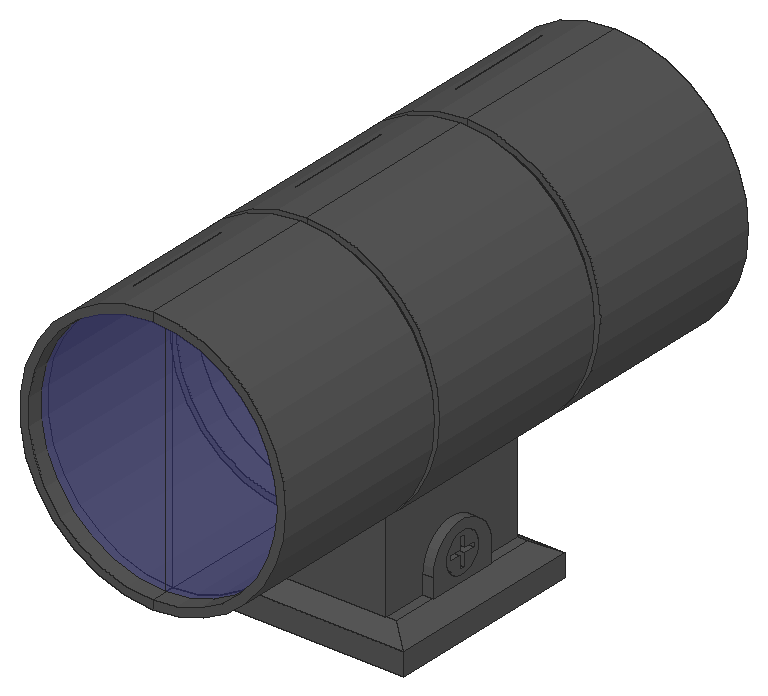
Revit family "CARLO CYLINDER LIGHT WALL MOUNT", category Lighting Fixtures, host Face, Revit 2020 (continued)
Types (10): name | Wattage_Input | Wattage Comments | Wattage | Photometric Web File | built-in parameter 1150142 | Model | built-in parameter 1150105 | Lumens | Light Length 1 | LIGHT RADIUS | LIGHT PLACEMENT | LIGHT LENGTH | LIGHT DIA | built-in parameter 1150106 | FIXED END HEIGHT | Curve base Height | Base Curve | BEAMING ANGLE | Apparent Load
    .7721 6.0172 6.2729 6.5418 6.8229 7.1239 7.4569 7.8078 8.1564 \r\n 8.5334 8.963 9.445 9.9629 10.59 11.365 12.374 13.726 15.393 17.41 \r\n 19.696 21.859 24.871 29.29 35.963 46.48 59.17 72.638 87.647 104.84 \r\n 123.18 141.73 160.85 180.76 200.96 220.98 240.98 261.22 280.92 299.76 \r\n 316.57 329.44 340.21 350.07 359.11 367.82 376.24 384.63 392.9 400.99 \r\n 409.07 417.39 425.65 433.37 441.27 450.13 459.23 467.84 476.64 486.18 \r\n 496.12 506.2 516.81 528.4 540.62 553.47 566.37 578.67 590.67 602.45 \r\n 613.97 625.24 636.18 646.73 656.91 666.64 676.13 685.66 694.92 703.68 \r\n 712.07 720.11 727.89 735.51 742.85 749.7 756.53 763.99 771.31 777.82 \r\n 783.8 789.14 794.37 800.03 805.95 812.41 818.55 823.47 827.56 830.69 \r\n 833.51 836.87 840.14 842.94 845.39 847.48 849.09 850.01 850.56 851.06 \r\n 849.27 \r\n2.1273 850.63 849.77 848.93 847.85 846.24 844.32 842.21 839.96 837.75 \r\n 835.32 832.48 829.23 825.44 821.32 817.08 812.62 807.83 803 798.52 \r\n 793.95 789.05 783.65 777.41 770.71 763.99 756.83 748.8 740.28 731.48 \r\n 722.43 713.19 703.78 694.3 684.53 674.13 663.55 653.29 642.84 631.72 \r\n 620.26 608.63 596.93 585.48 573.73 561.03 548.06 535.06 522.72 512.19 \r\n 502.3 492.18 482.12 472.01 462.13 452.83 443.74 434.55 425.44 416.54 \r\n 407.68 398.7 389.73 380.86 372.01 363.18 354.27 345.27 335.8 325.75 \r\n 314.3 300.39 284.51 266.41 247.18 227.99 208.4 188.19 167.83 147.58 \r\n 127.93 109.5 92.205 76.08 61.331 47.877 36.603 28.65 23.176 20.116 \r\n 18.274 16.302 14.605 13.133 11.902 10.922 10.161 9.6233 9.1997 8.7713 \r\n 8.3696 7.9868 7.6228 7.2733 6.9433 6.6394 6.3527 6.0739 5.8111 5.5723 \r\n 5.3496 5.1421 4.9376 4.7176 4.5 4.2985 4.1069 3.9239 3.747 3.5738 \r\n 3.4024 3.227 3.0569 2.9014 2.7538 2.6119 2.4731 2.3333 2.1947 2.054 \r\n 1.9237 1.8215 1.7283 1.6273 1.5284 1.4363 1.3501 1.2708 1.1969 1.1294 \r\n 1.0619 0.98469 0.90939 0.8464 0.78944 0.73542 0.68524 0.64059 0.59611 0.54455 \r\n 0.49325 0.44634 0.40615 0.3816 0.35707 0.31251 0.27002 0.2513 0.23752 0.21465 \r\n 0.18997 0.16417 0.14295 0.13846 0.13211 0.10348 0.070146 0.043113 0.021715 0.010542 \r\n 0.0048262 0.0013899 0.000057 0 0 0 0 0 0 0 \r\n 0 0 0 0 0 0 0.00013415 0.0046077 0.015421 0.04 \r\n 0.066271 0.081782 0.095093 0.11086 0.12835 0.15026 0.17103 0.18287 0.19515 0.21676 \r\n 0.24136 0.26567 0.28937 0.30855 0.33067 0.36404 0.4022 0.44239 0.48177 0.51279 \r\n 0.54681 0.59611 0.65041 0.70342 0.75545 0.80284 0.85119 0.90412 0.96379 1.0365 \r\n 1.1134 1.1898 1.2665 1.3385 1.4188 1.5244 1.6387 1.7506 1.8615 1.9635 \r\n 2.0736 2.2142 2.3606 2.4911 2.6193 2.7499 2.8875 3.0406 3.2022 3.3678 \r\n 3.5379 3.7108 3.8898 4.0817 4.2745 4.4489 4.6341 4.8664 5.1049 5.3097 \r\n 5.5149 5.7453 5.9894 6.2433 6.51 6.7888 7.087 7.4158 7.7627 8.1092 \r\n 8.484 8.9104 9.3865 9.8948 10.506 11.251 12.227 13.55 15.181 17.137 \r\n 19.359 21.499 24.441 28.63 35.036 45.315 57.856 71.389 86.532 103.8 \r\n 122.23 140.91 160.13 179.97 200.07 220.03 239.98 260.15 279.84 298.81 \r\n 315.82 328.94 339.93 349.82 358.85 367.59 376.03 384.33 392.49 400.5 \r\n 408.51 416.79 425 432.67 440.52 449.36 458.43 467.05 475.86 485.42 \r\n 495.35 505.31 515.81 527.43 539.71 552.55 565.45 577.72 589.72 601.61 \r\n 613.25 624.55 635.51 646.08 656.28 666.07 675.63 685.22 694.54 703.36 \r\n 711.8 719.86 727.64 735.29 742.67 749.53 756.35 763.81 771.14 777.69 \r\n 783.71 789.06 794.29 799.95 805.86 812.33 818.47 823.34 827.39 830.6 \r\n 833.53 836.91 840.17 842.91 845.3 847.43 849.09 849.97 850.48 851.01 \r\n 849.27 \r\n2.1273 850.51 849.64 848.85 847.82 846.25 844.34 842.19 839.89 837.62 \r\n 835.15 832.31 829.06 825.25 821.09 816.72 812.15 807.4 802.62 798.04 \r\n 793.32 788.22 782.63 776.24 769.44 762.69 755.49 747.38 738.79 730 \r\n 720.98 711.75 702.32 692.75 682.9 672.5 661.93 651.63 641.14 630.06 \r\n 618.61 606.8 594.89 583.35 571.53 558.73 545.69 532.77 520.48 509.74 \r\n 499.66 489.57 479.66 469.87 460.3 451.08 442.03 433.02 424.05 415.08 \r\n 406.14 397.23 388.37 379.55 370.77 362.05 353.21 344.15 334.62 324.76 \r\n 313.34 298.86 282.31 263.88 244.45 225.07 205.35 185.13 164.87 144.87 \r\n 125.46 107.02 89.668 73.508 58.897 46.067 35.492 27.957 22.754 19.805 \r\n 18.001 16.08 14.426 12.993 11.8 10.87 10.147 9.613 9.1823 8.7555 \r\n 8.3578 7.9825 7.6258 7.2787 6.9497 6.6469 6.3618 6.0861 5.827 5.5925 \r\n 5.3724 5.1614 4.9534 4.7359 4.5216 4.3201 4.1277 3.9451 3.7687 3.5956 \r\n 3.424 3.2474 3.0762 2.9216 2.7754 2.6336 2.4949 2.3564 2.2194 2.0807 \r\n 1.951 1.8449 1.7473 1.6462 1.5476 1.453 1.3639 1.2829 1.2082 1.142 \r\n 1.0757 0.99839 0.92275 0.86024 0.80379 0.74985 0.69929 0.65303 0.60734 0.55698 \r\n 0.50744 0.46172 0.42203 0.39616 0.37039 0.32701 0.28586 0.26657 0.25201 0.22935 \r\n 0.20522 0.18051 0.15964 0.15229 0.14354 0.11718 0.08669 0.05979 0.037487 0.025457 \r\n 0.017425 0.0075756 0.00020714 0 0 0 0 0 0 0 \r\n 0 0 0 0 0 0 0.00010653 0.0037901 0.012228 0.030732 \r\n 0.050368 0.06113 0.071549 0.087458 0.10694 0.13256 0.15674 0.1692 0.1807 0.20026 \r\n 0.22283 0.24674 0.27081 0.29115 0.31433 0.34753 0.38506 0.42433 0.46311 0.49499 \r\n 0.52986 0.57832 0.63181 0.68575 0.73885 0.78605 0.83412 0.88813 0.9482 1.0179 \r\n 1.0919 1.1685 1.246 1.3183 1.3974 1.4976 1.6063 1.7152 1.8254 1.9314 \r\n 2.0455 2.1848 2.3296 2.4632 2.5935 2.7189 2.8513 3.0064 3.1713 3.3373 \r\n 3.507 3.6783 3.8559 4.0484 4.2419 4.4155 4.5992 4.8284 5.0647 5.2703 \r\n 5.4774 5.7098 5.9555 6.2091 6.475 6.7539 7.0507 7.372 7.7138 8.0687 \r\n 8.4531 8.8806 9.3517 9.8452 10.44 11.181 12.15 13.46 15.069 16.984 \r\n 19.168 21.308 24.238 28.364 34.657 44.671 57.056 70.912 86.448 103.82 \r\n 122.29 141.12 160.47 180.39 200.52 220.51 240.45 260.6 280.22 299.08 \r\n 316.04 329.39 340.63 350.55 359.54 368.31 376.75 384.97 393.01 400.91 \r\n 408.82 417 425.15 432.84 440.69 449.35 458.29 467.06 476.06 485.61 \r\n 495.44 505.17 515.49 527.19 539.59 552.43 565.29 577.51 589.49 601.5 \r\n 613.25 624.52 635.42 645.93 656.12 666 675.66 685.27 694.61 703.5 \r\n 712.01 720.08 727.87 735.6 743.02 749.76 756.46 763.92 771.27 777.78 \r\n 783.77 789.19 794.49 800.16 806.04 812.41 818.45 823.31 827.41 830.71 \r\n 833.71 837.1 840.31 842.9 845.15 847.31 849.03 849.93 850.45 850.95 \r\n 849.27 \r\n2.1273 850.38 849.53 848.77 847.79 846.25 844.37 842.18 839.81 837.48 \r\n 834.95 832.1 828.85 825.03 820.82 816.32 811.64 806.94 802.19 797.47 \r\n 792.54 787.24 781.47 774.96 768.08 761.26 754.01 745.82 737.17 728.39 \r\n 719.39 710.18 700.75 691.09 681.13 670.73 660.17 649.81 639.27 628.24 \r\n 616.81 604.83 592.72 581.07 569.19 556.27 543.16 530.33 518.08 507.09 \r\n 496.76 486.7 476.96 467.51 458.27 449.15 440.17 431.34 422.52 413.48 \r\n 404.45 395.63 386.89 378.15 369.44 360.83 352.06 342.92 333.33 323.65 \r\n 312.27 297.14 279.85 261.06 241.41 221.82 202.01 181.85 161.75 142.03 \r\n 122.86 104.41 86.982 70.765 56.281 44.107 34.274 27.199 22.302 19.475 \r\n 17.711 15.847 14.238 12.845 11.69 10.813 10.132 9.6006 9.1613 8.7358 \r\n 8.3423 7.9756 7.6275 7.2837 6.9565 6.6559 6.3732 6.1012 5.8462 5.6163 \r\n 5.399 5.1843 4.9722 4.7573 4.5464 4.3452 4.1523 3.9698 3.7935 3.6206 \r\n 3.4488 3.271 3.0989 2.945 2.8 2.6588 2.5209 2.3834 2.2478 2.1116 \r\n 1.983 1.8721 1.7693 1.6678 1.5693 1.4718 1.3795 1.2968 1.2215 1.1562 \r\n 1.091 1.0137 0.93804 0.87643 0.82085 0.76717 0.71617 0.66773 0.62037 0.57158 \r\n 0.52432 0.47999 0.44073 0.41287 0.38535 0.3437 0.3045 0.28442 0.26864 0.24587 \r\n 0.22208 0.19852 0.17806 0.16762 0.15631 0.13257 0.10538 0.07904 0.056046 0.042853 \r\n 0.031888 0.014648 0.00037891 0 0 0 0 0 0 0 \r\n 0 0 0 0 0 0 0.000072 0.002663 0.0082266 0.019849 \r\n 0.032078 0.037744 0.045086 0.060917 0.082351 0.1121 0.14018 0.15339 0.16412 0.18164 \r\n 0.20216 0.22566 0.25012 0.27157 0.29584 0.32923 0.36641 0.40453 0.44243 0.47536 \r\n 0.51128 0.55871 0.61116 0.66596 0.7202 0.76749 0.81566 0.87105 0.93173 0.99841 \r\n 1.0695 1.1456 1.2235 1.2964 1.3745 1.4689 1.5712 1.6767 1.7863 1.897 \r\n 2.0159 2.1538 2.2967 2.4336 2.5663 2.6865 2.8137 2.9712 3.1398 3.3065 \r\n 3.4755 3.6449 3.8208 4.0139 4.2086 4.3826 4.5655 4.7908 5.0235 5.2303 \r\n 5.4402 5.675 5.9225 6.1758 6.4407 6.7202 7.0161 7.3293 7.6658 8.0311 \r\n 8.4271 8.8563 9.3227 9.8018 10.382 11.121 12.088 13.389 14.979 16.855 \r\n 19.003 21.144 24.069 28.162 34.365 44.096 56.311 70.516 86.477 103.95 \r\n 122.47 141.46 160.99 181.02 201.24 221.25 241.18 261.27 280.8 299.48 \r\n 316.35 329.92 341.41 351.35 360.32 369.12 377.56 385.7 393.63 401.42 \r\n 409.23 417.32 425.4 433.14 441.01 449.46 458.23 467.19 476.42 485.96 \r\n 495.68 505.18 515.32 527.11 539.66 552.49 565.3 577.48 589.44 601.55 \r\n 613.4 624.63 635.45 645.91 656.08 666.05 675.81 685.42 694.77 703.74 \r\n 712.33 720.41 728.21 736.01 743.48 750.09 756.65 764.1 771.46 777.93 \r\n 783.9 789.4 794.78 800.47 806.31 812.53 818.43 823.31 827.47 830.86 \r\n 833.93 837.31 840.45 842.89 845.01 847.17 848.95 849.89 850.42 850.89 \r\n 849.27 \r\n2.1273 850.27 849.44 848.7 847.75 846.25 844.38 842.15 839.72 837.32 \r\n 834.74 831.88 828.63 824.79 820.53 815.92 811.14 806.49 801.75 796.85 \r\n 791.69 786.19 780.26 773.66 766.72 759.81 752.48 744.23 735.54 726.76 \r\n 717.77 708.61 699.18 689.42 679.37 668.97 658.41 647.98 637.37 626.38 \r\n 614.97 602.85 590.56 578.82 566.86 553.84 540.65 527.9 515.7 504.47 \r\n 493.9 483.86 474.28 465.15 456.22 447.22 438.32 429.67 420.99 411.91 \r\n 402.83 394.11 385.49 376.84 368.21 359.7 350.99 341.78 332.12 322.6 \r\n 311.22 295.46 277.43 258.26 238.36 218.6 198.73 178.65 158.73 139.28 \r\n 120.33 101.85 84.35 68.085 53.733 42.176 33.048 26.434 21.854 19.151 \r\n 17.426 15.619 14.055 12.698 11.579 10.753 10.115 9.5855 9.1376 8.7132 \r\n 8.3238 7.9657 7.6262 7.2863 6.9616 6.6639 6.3844 6.116 5.8648 5.6395 \r\n 5.4249 5.2065 4.9906 4.7777 4.5699 4.3692 4.1761 3.9934 3.8167 3.6438 \r\n 3.472 3.2934 3.1207 2.9672 2.823 2.6832 2.5465 2.4096 2.2747 2.1413 \r\n 2.0139 1.8982 1.7901 1.6881 1.5896 1.4893 1.394 1.31 1.2342 1.1695 \r\n 1.105 1.0278 0.95241 0.89198 0.83753 0.78429 0.73289 0.68206 0.63281 0.58568 \r\n 0.54084 0.49792 0.45902 0.4288 0.39924 0.35963 0.32273 0.30179 0.28455 0.26134 \r\n 0.23762 0.21527 0.19537 0.18191 0.16811 0.14695 0.1231 0.097612 0.074196 0.059732 \r\n 0.045733 0.021392 0.00054336 0 0 0 0 0 0 0 \r\n 0 0 0 0 0 0 0.000035 0.0013563 0.0039672 0.0090417 \r\n 0.014317 0.015313 0.019854 0.035458 0.058565 0.092253 0.12412 0.13813 0.14825 0.164 \r\n 0.18273 0.20588 0.23065 0.25293 0.27808 0.31191 0.34905 0.38601 0.42295 0.45687 \r\n 0.49376 0.54011 0.59146 0.64696 0.70224 0.74974 0.79817 0.85499 0.91634 0.98036 \r\n 1.0486 1.1241 1.2019 1.2756 1.3532 1.442 1.5383 1.6406 1.7495 1.8651 \r\n 1.9888 2.125 2.2657 2.4057 2.5409 2.6567 2.7795 2.9392 3.1111 3.2785 \r\n 3.4472 3.6143 3.7882 3.9821 4.1781 4.3535 4.5364 4.757 4.9855 5.1937 \r\n 5.4066 5.6436 5.8926 6.1451 6.4088 6.6889 6.9841 7.2894 7.6206 7.996 \r\n 8.4034 8.8339 9.2959 9.7628 10.331 11.067 12.031 13.321 14.892 16.729 \r\n 18.841 20.98 23.896 27.956 34.066 43.501 55.523 70.038 86.39 103.96 \r\n 122.54 141.73 161.46 181.63 201.93 221.95 241.85 261.84 281.26 299.76 \r\n 316.53 330.31 342.04 352.01 360.96 369.78 378.23 386.29 394.12 401.82 \r\n 409.54 417.54 425.58 433.39 441.3 449.53 458.11 467.28 476.74 486.28 \r\n 495.89 505.2 515.18 527.07 539.76 552.59 565.36 577.5 589.45 601.66 \r\n 613.59 624.77 635.5 645.93 656.09 666.13 675.97 685.59 694.95 703.99 \r\n 712.65 720.74 728.54 736.44 743.96 750.45 756.86 764.29 771.66 778.1 \r\n 784.07 789.66 795.13 800.84 806.64 812.68 818.43 823.32 827.57 831.03 \r\n 834.15 837.5 840.57 842.87 844.87 847.04 848.87 849.85 850.41 850.84 \r\n 849.27 \r\n2.1273 850.2 849.4 848.67 847.71 846.24 844.39 842.13 839.65 837.19 \r\n 834.56 831.67 828.41 824.55 820.27 815.57 810.72 806.08 801.32 796.21 \r\n 790.8 785.13 779.07 772.42 765.43 758.42 750.99 742.71 734.02 725.23 \r\n 716.25 707.14 697.75 687.9 677.74 667.33 656.77 646.27 635.6 624.62 \r\n 613.22 601 588.59 576.76 564.72 551.6 538.35 525.67 513.51 502.09 \r\n 491.35 481.34 471.9 463.01 454.34 445.46 436.65 428.17 419.63 410.55 \r\n 401.46 392.84 384.35 375.81 367.27 358.84 350.17 340.92 331.19 321.78 \r\n 310.36 294.04 275.35 255.79 235.63 215.75 195.87 175.87 156.1 136.85 \r\n 118.06 99.547 81.975 65.706 51.5 40.456 31.913 25.722 21.446 18.858 \r\n 17.169 15.412 13.889 12.563 11.475 10.695 10.094 9.5671 9.112 8.6889 \r\n 8.3031 7.9522 7.6203 7.2845 6.9628 6.6688 6.3927 6.1274 5.8791 5.6577 \r\n 5.4454 5.224 5.0047 4.7932 4.5877 4.3877 4.1947 4.0112 3.8337 3.6607 \r\n 3.4889 3.3102 3.1373 2.9838 2.8401 2.7022 2.5673 2.43 2.2948 2.164 \r\n 2.0382 1.9183 1.8055 1.7031 1.6047 1.5021 1.4044 1.3195 1.2436 1.1793 \r\n 1.1151 1.038 0.96305 0.90391 0.85074 0.79809 0.74646 0.69337 0.64227 0.59659 \r\n 0.55391 0.51229 0.47367 0.44101 0.40937 0.37186 0.33733 0.31561 0.2969 0.27288 \r\n 0.2489 0.22783 0.20874 0.19266 0.1766 0.15765 0.13672 0.11225 0.088737 0.073097 \r\n 0.056479 0.026601 0.00067145 0 0 0 0 0 0 0 \r\n 0 0 0 0 0 0 0 0 0 0 \r\n 0 0 0 0.015306 0.039581 0.076389 0.11133 0.12612 0.13594 0.15046 \r\n 0.1679 0.19085 0.21581 0.23835 0.26389 0.29833 0.33576 0.37181 0.4079 0.44249 \r\n 0.48003 0.52537 0.5757 0.63165 0.68769 0.73538 0.78407 0.84204 0.90399 0.96606 \r\n 1.0321 1.1066 1.1841 1.2588 1.3364 1.4219 1.5125 1.612 1.7205 1.8405 \r\n 1.9685 2.1026 2.2407 2.383 2.5204 2.6334 2.7534 2.9146 3.0887 3.257 \r\n 3.4254 3.5902 3.762 3.9565 4.154 4.3315 4.515 4.731 4.9549 5.1644 \r\n 5.3799 5.6185 5.8681 6.119 6.3808 6.6612 6.9556 7.2538 7.5801 7.9632 \r\n 8.3793 8.81 9.2679 9.7264 10.284 11.013 11.967 13.243 14.791 16.588 \r\n 18.659 20.786 23.679 27.679 33.668 42.797 54.598 69.315 85.956 103.62 \r\n 122.28 141.68 161.63 181.96 202.33 222.33 242.13 262 281.28 299.64 \r\n 316.35 330.32 342.28 352.29 361.22 370.08 378.54 386.54 394.29 401.92 \r\n 409.57 417.5 425.51 433.41 441.38 449.4 457.81 467.16 476.84 486.38 \r\n 495.91 505.09 514.97 526.95 539.75 552.59 565.34 577.45 589.4 601.69 \r\n 613.7 624.82 635.49 645.9 656.09 666.17 676.05 685.68 695.05 704.17 \r\n 712.9 720.98 728.78 736.78 744.38 750.77 757.05 764.45 771.81 778.26 \r\n 784.27 789.94 795.5 801.22 806.98 812.85 818.44 823.35 827.67 831.21 \r\n 834.37 837.66 840.63 842.83 844.75 846.92 848.78 849.81 850.4 850.81 \r\n 849.27 \r\n2.1273 850.26 849.49 848.7 847.67 846.18 844.32 842.07 839.59 837.15 \r\n 834.52 831.57 828.25 824.41 820.17 815.56 810.76 806.03 801.1 795.71 \r\n 790.05 784.31 778.27 771.7 764.76 757.55 749.95 741.78 733.23 724.38 \r\n 715.36 706.42 697.19 687.26 676.97 666.46 655.83 645.31 634.61 623.47 \r\n 611.95 599.88 587.62 575.71 563.53 550.36 537.11 524.43 512.35 501.19 \r\n 490.7 480.78 471.34 462.35 453.58 444.78 436.09 427.67 419.23 410.41 \r\n 401.59 393.1 384.71 376.34 367.94 359.51 350.81 341.6 331.88 322.32 \r\n 310.71 294.26 275.42 255.49 235.03 215.22 195.46 175.44 155.56 136.12 \r\n 117.13 98.467 80.891 64.98 51.132 40.045 31.407 25.358 21.248 18.714 \r\n 17.043 15.305 13.794 12.479 11.401 10.634 10.045 9.5249 9.074 8.6547 \r\n 8.2713 7.9203 7.5882 7.2546 6.9365 6.6484 6.3772 6.1109 5.8605 5.6391 \r\n 5.4272 5.2063 4.987 4.7736 4.5664 4.3675 4.1754 3.9893 3.809 3.6354 \r\n 3.4643 3.2883 3.1179 2.9631 2.8183 2.6843 2.5524 2.4101 2.2693 2.1391 \r\n 2.0154 1.8964 1.7844 1.6836 1.587 1.4857 1.3894 1.3065 1.2322 1.1673 \r\n 1.1024 1.0253 0.95068 0.8925 0.84046 0.78883 0.73782 0.68431 0.63256 0.58673 \r\n 0.54401 0.50244 0.46364 0.42974 0.3972 0.36083 0.32763 0.3059 0.28654 0.26092 \r\n 0.23584 0.21642 0.1991 0.18228 0.16519 0.1465 0.12626 0.10267 0.079917 0.063871 \r\n 0.047724 0.022169 0.00056737 0 0 0 0 0 0 0 \r\n 0 0 0 0 0 0 0 0 0 0.0045718 \r\n 0.0099057 0.011187 0.016004 0.031286 0.054188 0.088428 0.12124 0.13657 0.14797 0.16451 \r\n 0.18356 0.20647 0.23035 0.25031 0.27368 0.30888 0.34782 0.38481 0.42116 0.45432 \r\n 0.49017 0.53496 0.58499 0.64053 0.69602 0.74275 0.79048 0.84778 0.90948 0.97254 \r\n 1.0392 1.1129 1.1899 1.2658 1.3458 1.4338 1.5283 1.6282 1.7364 1.8574 \r\n 1.9854 2.1158 2.2498 2.3897 2.527 2.6459 2.7711 2.9291 3.0989 3.2675 \r\n 3.4366 3.599 3.7684 3.963 4.1618 4.3422 4.5275 4.7402 4.9601 5.1686 \r\n 5.3831 5.6188 5.864 6.1076 6.3621 6.6388 6.9305 7.2264 7.5488 7.9229 \r\n 8.3289 8.7506 9.203 9.6724 10.23 10.911 11.805 13.037 14.537 16.263 \r\n 18.252 20.321 23.086 26.776 32.382 41.136 52.543 66.775 83.067 100.79 \r\n 119.7 139.46 159.74 180.14 200.43 220.13 239.57 259.1 278.19 296.8 \r\n 313.87 328.07 340.2 350.28 359.25 368.18 376.7 384.7 392.43 400.08 \r\n 407
